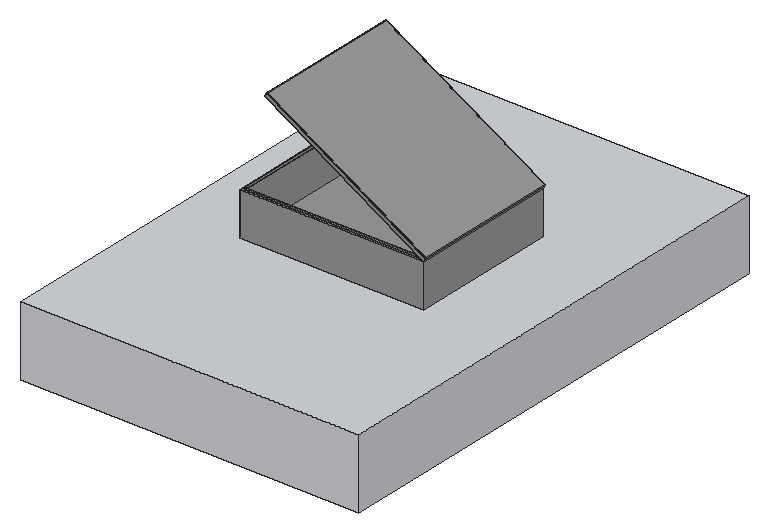
Revit family "Hager-Univers-IP44-D205-H650-Cl.II-Encl-PL-en", category Equipement électrique, Revit 2020
Family settings
  Hôte = Face
  Configuration du panneau = Deux colonnes, circuits au sein
  Cote de connecteur circulaire = Utiliser le diamètre
  Type d'élément = Tableau de raccordement
  Couper avec des vides une fois chargée = Non
  Partagée = Non
  Point de calcul de pièce = Non
Parameters (values of type "Surface mounted (plaster) IP44 W800 H650 D205  - FP43SN2")
  Width Control [instance] = if([EF000008 - Width] > Min Width, [EF000008 - Width], Min Width)  # 800 mm
  Commentaires du type = [HG000003 - Range]  # "Univers"
  Thickness Door [instance] = if([EF009171 - Material plate thickness door/cover] > 3 mm, 3 mm, [EF009171 - Material plate thickness door/cover])  # 1 mm
  Seal Frame Offset [instance] = 17 mm  # constant formula
  Plinth Visibility [instance] = [HG000027 - Plinth height] > 0 mm  # no
  Model = ""
  Min Width [instance] = 100 mm  # constant formula
  Min Height [instance] = 100 mm  # constant formula
  Min Depth [instance] = (2 * [EF009170 - Material plate thickness cabinet]) + 1 mm  # 3 mm
  Internal Frame Depth [instance] = (Door System Depth * 0.5)  # 9 mm
  Height Control [instance] = if([EF000040 - Height] > Min Height, [EF000040 - Height], Min Height)  # 650 mm
  HG000027 - Plinth height = 0 mm
  HG000026 - Floor standing = no
  HG000024 - Bottom section height = 800 mm
  HG000023 - Double section enclosure = no
  HG000016 - Door 3d visibility [instance] = yes
  HG000015 - Clearance visibility [instance] = no
  HG000014 - Door on the right [instance] = yes
  HG000013 - Door on the left [instance] = not([HG000014 - Door on the right])  # no
  HG000012 - Door swing angle [instance] = 30.00°
  HG000010 - Asymmetric doors = no
  HG000009 - Double swing door = no
  HG000006 - Flush mounted = no
  HG000004 - Manufacturer reference = "FP43SN2"
  HG000003 - Range = "Univers"
  HG000002 - With door or cover = yes
  Frame Offset Bottom [instance] = 10 mm  # constant formula
  Frame Offset [instance] = 15 mm  # constant formula
  EF015940 - Cover with overpressure release = no
  EF011959 - Degree of protection (NEMA) = ""
  EF009554 - Number of openings for flange plates = 6
  EF009212 - Cover model = "EV000116 - Closed"
  EF009171 - Material plate thickness door/cover = 1 mm
  EF009170 - Material plate thickness cabinet = 1 mm
  Fabricant = "Hager"  # constant formula
  EF008873 - Nominal current (In) = 250 A
  EF007800 - Suitable for lightning protection = no
  EF006306 - With lock = no
  EF006244 - Transparent cover/door = no
  EF005474 - Degree of protection (IP) = "EV006418 - IP44"
  EF004464 - Type of door = "EV002646 - Single"
  EF004427 - Number of modules = 144
  EF004293 - Impact strength = "EV006815 - IK09"
  EF003532 - Suitable for outdoor use = no
  EF002950 - Width in number of modular spacings = 36
  EF001613 - Circuit integrity = "EV000494 - None"
  EF001596 - Material housing = "EV000179 - Steel"
  EF001131 - Internal depth = 143 mm
  EF001088 - Extension possible = yes
  EF000437 - Number of conduit inlets = 6
  EF000339 - Type of cover = "EV001012 - Cover"
  EF000266 - Number of rows = 4
  EF000218 - Built-in depth = 205 mm
  EF000118 - With mounting plate = no
  EF000116 - RAL-number = "9010"
  EF000049 - Depth = 205 mm
  EF000040 - Height = 650 mm
  EF000008 - Width = 800 mm
  EF000007 - Colour = "EV000202 - White"
  EF000003 - Mounting method = "EV000384 - Surface mounted (plaster)"
  Door System Leaf Tolerance [instance] = 1.5 mm  # constant formula
  Door System Depth [instance] = 18 mm  # constant formula
  Door Height [instance] = Height Control - [HG000027 - Plinth height]  # 650 mm
  Depth Control [instance] = if([EF000049 - Depth] > Min Depth, [EF000049 - Depth], Min Depth)  # 205 mm
  Default Elevation = 0 mm
  Connector Offset [instance] = Height Control / 2  # 325 mm
  Bottom Top Plate Trim [instance] = 1.5 mm  # constant formula
  Plinth height Ctrl [instance] = if([HG000027 - Plinth height] > 0 mm, [HG000027 - Plinth height], 12 mm)  # 12 mm
Types (5, lengths in mm): name | Width Control | HG000010 - Asymmetric doors | HG000009 - Double swing door | HG000004 - Manufacturer reference | EF009554 - Number of openings for flange plates | EF004464 - Type of door | EF004427 - Number of modules | EF002950 - Width in number of modular spacings | EF000437 - Number of conduit inlets | EF000008 - Width
  Surface mounted (plaster) IP44 W1050 H650 D205  - FP44SN2 | 1050 | no | yes | "FP44SN2" | 8 | "EV003602 - Double" | 192 | 48 | 8 | 1050
  Surface mounted (plaster) IP44 W1300 H650 D205  - FP45SN2 | 1300 | yes | yes | "FP45SN2" | 10 | "EV003602 - Double" | 240 | 60 | 10 | 1300
  Surface mounted (plaster) IP44 W300 H650 D205  - FP41SN2 | 300 | no | no | "FP41SN2" | 2 | "EV002646 - Single" | 48 | 12 | 2 | 300
  Surface mounted (plaster) IP44 W550 H650 D205  - FP42SN2 | 550 | no | no | "FP42SN2" | 4 | "EV002646 - Single" | 96 | 24 | 4 | 550
  Surface mounted (plaster) IP44 W800 H650 D205  - FP43SN2 | 800 | no | no | "FP43SN2" | 6 | "EV002646 - Single" | 144 | 36 | 6 | 800
Reference planes
  plane 1 "Center (Front/Back)": y = 0
  plane 2: z = 0
  plane 3 "Center (Left/Right)": x = 0
  plane 4: z = 205
  plane 5: y = 1
  plane 6: y = 325
  plane 7: y = 0
  plane 8: y = 650
  plane 9: z = 0
  plane 10: x = -385
  plane 11: x = 385
  plane 12: x = 384
  plane 13: x = -384
  plane 14: y = 649
  plane 15: x = -383
  plane 16: x = -400
  plane 17: x = 383
  plane 18: x = 400
  plane 19: x = 399
  plane 20: x = -399
  plane 21: y = 11
  plane 22: y = 650
  plane 23: y = 634
  plane 24: z = 187
  plane 25: z = 1
  plane 26: z = 186
  plane 27: z = 204
Forms (mm)
  Extrusion 1, solid
    sketch origin (0, 0, 0) x (1, 0, 0) y (0, 1, 0)
      loop
        line (-702.964, 1305) -> (-702.964, -811.445) -> (766.763, -811.445) -> (766.763, 1305) -> (-702.964, 1305)
    from 0 to -304.8
  Extrusion 2, solid, material "Hager_Steel_RAL7035_Light_Grey", visible <- "Plinth Visibility", detail levels medium+fine
    sketch origin (0, 0, 0) x (1, 0, 0) y (0, 1, 0)
      loop
        line (-400, 0) -> (400, 0) -> (400, 12) -> (-400, 12) -> (-400, 0)
    from 0 to 187
  Extrusion 3, solid, material "Hager_Steel_RAL7035_Light_Grey", detail levels medium+fine
    sketch origin (0, 0, 0) x (1, 0, 0) y (0, 1, 0)
      loop
        line (-400, 0) -> (400, 0) -> (400, 650) -> (-400, 650) -> (-400, 0)
    from 0 to 187
  Extrusion 4, void
    sketch origin (0, 0, 0) x (1, 0, 0) y (0, 1, 0)
      loop
        line (-399, 1) -> (399, 1) -> (399, 649) -> (-399, 649) -> (-399, 1)
    from 1 to 186
  Extrusion 5, void
    sketch origin (-381.607, -4572, 187) x (0, -1, 0) y (-1, 0, 0)
      loop
        line (-4583, 2.393) -> (-5206, 2.393) -> (-5206, -765.607) -> (-4583, -765.607) -> (-4583, 2.393)
    from 0 to 1 <- "EF009170 - Material plate thickness cabinet"
  Extrusion 6, solid, material "Hager_Steel_RAL7035_Light_Grey", detail levels fine
    sketch origin (0, 0, 187) x (1, 0, 0) y (0, 1, 0)
      loop
        line (-384, 634) -> (-384, 11) -> (384, 11) -> (384, 634) -> (-384, 634)
      loop
        line (-385, 10) -> (385, 10) -> (385, 635) -> (-385, 635) -> (-385, 10)
    from 0 to 9 <- "Internal Frame Depth"
  Extrusion 7, solid, material "Hager_Steel_RAL7035_Light_Grey", detail levels coarse
    sketch origin (0, 0, 0) x (1, 0, 0) y (0, 1, 0)
      loop
        line (-400, 0) -> (400, 0) -> (400, 650) -> (-400, 650) -> (-400, 0)
    from 0 to 205
  Sweep 8, void
    path in 3D
      loop
        line (-400, 12, 0) -> (400, 12, 0) -> (400, 12, 187) -> (-400, 12, 187) -> (-400, 12, 0)
    profile origin (-400, 12, 93.5) x (-1, 0, 0) y (0, -1, 0)
      loop
        line (0, 0) -> (0, 1.5) -> (-1.5, 1.5)
        arc (-1.5, 1.5) -> (-1.061, 0.439) -> (0, 0) r 1.5
Cuts and joins
  Extrusion 4, Extrusion 5 cuts Extrusion 3
  Sweep 8 cuts Extrusion 2
Lines and regions (mm)
  Masking region 1
    outline origin (0, 0, 0) x (1, 0, 0) y (0, 0, 1)
      loop
        line (-400, 205) -> (-400, 0) -> (400, 0) -> (400, 205) -> (-400, 205)
  Masking region 2, detail levels medium+fine
    outline origin (0, 140, 0) x (0, 1, 0) y (0, 0, 1)
      loop
        line (-140, 0) -> (510, 0) -> (510, 187) -> (-140, 187) -> (-140, 0)
  Masking region 3, not visible, detail levels medium+fine
    outline origin (0, 297.922, 0) x (0, 1, 0) y (0, 0, 1)
      loop
        line (38.578, 0) -> (78.578, 0) -> (78.578, 194)
        arc (78.578, 194) -> (75.649, 201.071) -> (68.578, 204) r 10
        line (68.578, 204) -> (38.578, 204) -> (38.578, 0)
  Masking region 4, detail levels coarse
    outline origin (0, 0, 180) x (0, 1, 0) y (0, 0, 1)
      loop
        line (0, -180) -> (650, -180) -> (650, 25) -> (0, 25) -> (0, -180)
  Masking region 5, visible <- "Plinth Visibility", detail levels medium+fine
    outline origin (0, 52.24, 12.345) x (0, 0, -1) y (0, 1, 0)
      loop
        line (10.845, -40.24) -> (-173.155, -40.24)
        arc (-173.155, -40.24) -> (-173.594, -41.301) -> (-174.655, -41.74) r 1.5
        line (-174.655, -41.74) -> (-174.655, -52.24) -> (12.345, -52.24) -> (12.345, -41.74)
        arc (12.345, -41.74) -> (11.285, -41.301) -> (10.845, -40.24) r 1.5
  Masking region 6, detail levels medium+fine
    outline origin (-381.607, -4572, 187) x (-1, 0, 0) y (0, -1, 0)
      loop
        line (18.393, -5222) -> (18.393, -4572) -> (-781.607, -4572) -> (-781.607, -5222) -> (18.393, -5222)
  Masking region 7, visible <- "Plinth Visibility", detail levels medium+fine
    outline origin (-381.607, -4727, 187) x (-1, 0, 0) y (0, -1, 0)
      loop
        arc (16.893, -4739) -> (17.332, -4737.939) -> (18.393, -4737.5) r 1.5
        line (18.393, -4737.5) -> (18.393, -4727) -> (-781.607, -4727) -> (-781.607, -4737.5)
        arc (-781.607, -4737.5) -> (-780.546, -4737.939) -> (-780.107, -4739) r 1.5
        line (-780.107, -4739) -> (16.893, -4739)
  Masking region 8, detail levels coarse
    outline origin (-442.548, -4669.526, 187) x (-1, 0, 0) y (0, -1, 0)
      loop
        line (-42.548, -5319.526) -> (-42.548, -4669.526) -> (-842.548, -4669.526) -> (-842.548, -5319.526) -> (-42.548, -5319.526)
  sketch lines
    curve 1: line (-400, 12, 187) -> (-400, 12, 0)
    curve 2: line (400, 12, 187) -> (-400, 12, 187)
    curve 3: line (400, 12, 187) -> (400, 12, 0)
    curve 4: line (-400, 12, 0) -> (400, 12, 0)
Dimensions and locks
  "Depth Control": plane 4 to Extrusion 1
  "HG000027 - Plinth height": plane 1 "Center (Front/Back)" to plane 7
  "EF009170 - Material plate thickness cabinet": plane 5 to plane 7
  locked: connector elem to plane 3 "Center (Left/Right)"
  equal spacing: plane 8, plane 6, plane 7
  locked: connector elem to plane 6
  "EF009170 - Material plate thickness cabinet": plane 8 to plane 14
  "EF009170 - Material plate thickness cabinet": plane 10 to plane 13
  "EF009170 - Material plate thickness cabinet": plane 12 to plane 11
  "Frame Offset": plane 20 to plane 13
  "Frame Offset": plane 12 to plane 19
  "EF009170 - Material plate thickness cabinet": plane 16 to plane 20
  "EF009170 - Material plate thickness cabinet": plane 19 to plane 18
  "Seal Frame Offset": plane 16 to plane 15
  "Seal Frame Offset": plane 17 to plane 18
  "Frame Offset Bottom": plane 21 to plane 5
  "Frame Offset": plane 14 to plane 23
  equal spacing: plane 16, plane 3 "Center (Left/Right)", plane 18
  "Width Control": plane 16 to plane 18
  "EF009170 - Material plate thickness cabinet": plane 4 to plane 27
  "EF009170 - Material plate thickness cabinet": plane 24 to plane 26
  "EF009170 - Material plate thickness cabinet": plane 25 to level
  "Door System Depth": plane 4 to plane 24
  "Height Control": plane 1 "Center (Front/Back)" to Extrusion 7 sketch curve
  "Height Control": Masking region 4 sketch curve to plane 1 "Center (Front/Back)"
  "Height Control": plane 1 "Center (Front/Back)" to plane 22
  "Bottom Top Plate Trim": profile plane to Sweep 8 sketch curve
  "Bottom Top Plate Trim": Sweep 8 sketch curve to profile plane
  "Plinth height Ctrl": plane 1 "Center (Front/Back)" to Extrusion 2 sketch curve
  "Plinth height Ctrl": Masking region 5 sketch curve to plane 1 "Center (Front/Back)"
  "Plinth height Ctrl": plane 1 "Center (Front/Back)" to Masking region 7 sketch curve
  "Thickness Door": Extrusion 6 sketch curve to Extrusion 6 sketch curve  (x3)
  "Thickness Door": cut or joined group of Extrusion 3, Extrusion 4, Extrusion 5 to Extrusion 6 sketch curve
  radius of Masking region 3 sketch curve = 10 mm
  "Bottom Top Plate Trim": radius of Masking region 5 sketch curve  (x2)
  "Bottom Top Plate Trim": radius of Sweep 8 sketch curve
  "Bottom Top Plate Trim": radius of Masking region 7 sketch curve  (x2)
  aligned and locked: plane 2 to Extrusion 1
  aligned and locked: level to Extrusion 1
  aligned and locked: level to Masking region 1 sketch curve
  aligned and locked: Masking region 1 sketch curve to plane 18
  aligned and locked: Masking region 1 sketch curve to plane 16
  aligned and locked: plane 7 to Masking region 2 sketch curve
  aligned and locked: level to Masking region 3 sketch curve
  aligned and locked: Masking region 3 sketch curve to plane 27
  aligned and locked: level to Masking region 2 sketch curve
  aligned and locked: plane 1 "Center (Front/Back)" to Extrusion 2 sketch curve
  aligned and locked: Extrusion 3 sketch curve to plane 7
  aligned and locked: plane 16 to Extrusion 3 sketch curve
  aligned and locked: plane 18 to Extrusion 3 sketch curve
  aligned and locked: plane 20 to Extrusion 4 sketch curve
  aligned and locked: plane 19 to Extrusion 4 sketch curve
  aligned and locked: Extrusion 4 sketch curve to plane 5
  aligned and locked: Extrusion 4 to plane 25
  aligned and locked: plane 26 to Extrusion 4
  aligned and locked: plane 24 to Extrusion 3
  aligned and locked: Extrusion 5 sketch curve to plane 21
  aligned and locked: Extrusion 5 sketch curve to plane 13
  aligned and locked: Extrusion 5 sketch curve to plane 12
  aligned and locked: plane 18 to Extrusion 7 sketch curve
  aligned and locked: plane 1 "Center (Front/Back)" to Extrusion 7 sketch curve
  aligned and locked: plane 16 to Extrusion 7 sketch curve
  aligned and locked: plane 4 to Extrusion 7
  aligned and locked: Extrusion 7 to level
  aligned and locked: level to Masking region 4 sketch curve
  aligned and locked: Masking region 4 sketch curve to plane 1 "Center (Front/Back)"
  aligned and locked: Masking region 4 sketch curve to plane 4
  aligned and locked: nested 1 to level
  aligned and locked: nested 1 to plane 16
  aligned and locked: plane 8 to Extrusion 3 sketch curve
  aligned and locked: plane 23 to Extrusion 5 sketch curve
  aligned and locked: plane 14 to Extrusion 4 sketch curve
  aligned and locked: Masking region 2 sketch curve to plane 8
  aligned and locked: level to Masking region 5 sketch curve
  aligned and locked: plane 16 to Extrusion 2 sketch curve
  aligned and locked: plane 18 to Extrusion 2 sketch curve
  aligned and locked: Masking region 5 sketch curve to plane 24
  aligned and locked: Masking region 2 sketch curve to plane 24
  aligned and locked: plane 24 to Extrusion 2
  aligned and locked: profile plane to Sweep 8 sketch curve  (x2)
  aligned and locked: Masking region 6 sketch curve to plane 18
  aligned and locked: Masking region 6 sketch curve to plane 22
  aligned and locked: Masking region 6 sketch curve to plane 16
  aligned and locked: plane 8 to plane 22
  aligned and locked: Masking region 6 sketch curve to plane 7
  aligned and locked: Masking region 7 sketch curve to plane 16
  aligned and locked: Masking region 7 sketch curve to plane 1 "Center (Front/Back)"
  aligned and locked: Masking region 7 sketch curve to plane 18
  aligned and locked: Masking region 8 sketch curve to plane 1 "Center (Front/Back)"
  aligned and locked: Masking region 8 sketch curve to plane 18
  aligned and locked: Masking region 8 sketch curve to plane 22
  aligned and locked: Masking region 8 sketch curve to plane 16
  aligned and locked: nested 2 to plane 7
  aligned and locked: plane 3 "Center (Left/Right)" to nested 2
  aligned and locked: nested 2 to plane 24
  aligned and locked: Extrusion 6 sketch curve to cut or joined group of Extrusion 3, Extrusion 4, Extrusion 5  (x4)
Automatic sketch dimensions
  Extrusion 1 sketch curve to Extrusion 1 sketch curve = 1469.727 mm
  Extrusion 1 sketch curve to Extrusion 1 sketch curve = 2116.445 mm
  Masking region 1 sketch curve to plane 4 = 0 mm
  plane 6 to Masking region 3 sketch curve = 11.5 mm
  Masking region 3 sketch curve to Masking region 3 sketch curve = 30 mm
  Masking region 5 sketch curve to plane 1 "Center (Front/Back)" = 0 mm
Nested families
  nested 1: "Hager_Enclosure_Symbol" at (-400, 0, 0) x (1, 0, 0) z (0, -1, 0), Height <- "Depth Control", Width <- "Width Control", type "Hager_Enclosure_Symbol"
    with Width_Ctrl 800 mm, Width 800 mm, Height_Ctrl 205 mm, Height 205 mm, A_Width_Int 13.453 mm, A_Width 161.438 mm, A_Height_Ctrl 179.375 mm, A_Height 179.375 mm
  nested 2: "EC000058_Univers_Door" at (0, 0, 187) x (1, 0, 0) z (0, 1, 0), Leaf_Tolerance <- "Door System Leaf Tolerance", Angle <- "HG000012 - Door swing angle", Door_Depth <- "Door System Depth", Door_Left <- "HG000013 - Door on the left", Transparent <- "EF006244 - Transparent cover/door", Assymetrical <- "HG000010 - Asymmetric doors", Width <- "Width Control", Clearance <- "HG000015 - Clearance visibility", Double <- "HG000009 - Double swing door", 3d_Door <- "HG000016 - Door 3d visibility", Lock_Visibility <- "EF006306 - With lock", Width_Ctrl <- "Width Control", Door_Right <- "HG000014 - Door on the right", Door <- "HG000002 - With door or cover", Height <- "Door Height", Thickness <- "Thickness Door", type "EC000058_Univers_Door", detail levels medium+fine
    with min_wh 3 mm, Width_Ctrl 800 mm, Width 800 mm, Transparent no, Thickness 1 mm, Seal_Material Hager_Rubber, Lock_Visibility no, Lock_Material Hager_Plastic_RAL9005_Jet_Black, Leaf_Width 800 mm, Leaf_Tolerance_External_Sides 0 mm, Leaf_Tolerance 1.5 mm, Leaf_Offset 0 mm, Leaf_Height 647 mm, Leaf_2_Width 800 mm, Leaf_2_Offset 400 mm, Leaf_1_Width 800 mm, Leaf_1_Offset 400 mm, Height_Ctrl 650 mm, Height 650 mm, Glass_Material Hager_Glass, Double_Clearance_Ctrl no, Double no, Door_Right_Ctrl yes, Door_Right yes, Door_Material Hager_Steel_RAL7035_Light_Grey, Door_Left_Ctrl no, Door_Left no, Door_Depth 18 mm, Door yes, Clearance_Material Hager_Clearance, Clearance_Depth 800 mm, Clearance_Ctrl no, Clearance no, Assymetrical no, Angle 30.00°, 3d_Door yes
Connectors
  electrical at (0, 325, 0)
    settings: on plane 9, index 1, voltage 0 V, apparent load 0 VA, apparent load phase1 0 VA, apparent load phase2 0 VA, apparent load phase3 0 VA, power factor 1, load classification "Other", number of poles 1, system type 30, power factor state 1, is connector primary yes, connector utility no, sub classification motor no, connector description ""
Definition of nested family "EC000058_Univers_Door"
  Parameters (values of type "EC000058_Univers_Door")
    min_wh [instance] = (2 * Thickness) + 1 mm  # 11 mm
    Width_Ctrl [instance] = 400 mm
    Width [instance] = 500 mm
    Transparent [instance] = yes
    Thickness [instance] = 5 mm
    Seal_Material [instance] = none
    Lock_Visibility [instance] = yes
    Lock_Material [instance] = none
    Leaf_Width [instance] = if((Width_Ctrl - 2 * Leaf_Tolerance_External_Sides) > 0 mm, (Width_Ctrl - 2 * Leaf_Tolerance_External_Sides), min_wh)  # 400 mm
    Leaf_Tolerance_External_Sides [instance] = 0 mm  # constant formula
    Leaf_Tolerance [instance] = 1.5 mm
    Leaf_Offset [instance] = 0 mm  # constant formula
    Leaf_Height [instance] = if((Height_Ctrl - 2 * Leaf_Tolerance) > 0 mm, (Height_Ctrl - 2 * Leaf_Tolerance), min_wh)  # 497 mm
    Leaf_2_Width [instance] = if(and(and(Double, Assymetrical), Door_Left), (Leaf_Width / 3) - (Leaf_Tolerance / 2), if(and(and(Double, Assymetrical), Door_Right), (Leaf_Width / 3) * 2 - (Leaf_Tolerance / 2), if(and(Double, not(Assymetrical)), (Leaf_Width / 2) - Leaf_Tolerance, Leaf_Width)))  # 400 mm
    Leaf_2_Offset [instance] = if(and(Double, Assymetrical), Leaf_2_Width / 2, if(and(Double, not(Assymetrical)), Leaf_Width / 4, Leaf_Width / 2))  # 200 mm
    Leaf_1_Width [instance] = if(and(and(Double, Assymetrical), Door_Right), (Leaf_Width / 3) - (Leaf_Tolerance / 2), if(and(and(Double, Assymetrical), Door_Left), (Width / 3) * 2 - (Leaf_Tolerance / 2), if(and(Double, not(Assymetrical)), (Leaf_Width / 2) - Leaf_Tolerance, Leaf_Width)))  # 400 mm
    Leaf_1_Offset [instance] = if(and(Double, Assymetrical), Leaf_1_Width / 2, if(and(Double, not(Assymetrical)), Leaf_Width / 4, Leaf_Width / 2))  # 200 mm
    Height_Ctrl [instance] = if(Height > min_wh, Height, min_wh)  # 500 mm
    Height [instance] = 500 mm
    Glass_Material [instance] = none
    Double_Clearance_Ctrl [instance] = and(Double, Clearance)  # no
    Double [instance] = no
    Door_Right_Ctrl [instance] = and(or(Door_Right, Double), Door)  # yes
    Door_Right [instance] = yes
    Door_Material [instance] = none
    Door_Left_Ctrl [instance] = and(or(Door_Left, Double), Door)  # no
    Door_Left [instance] = no
    Door_Depth [instance] = 30 mm
    Door [instance] = yes
    Default Elevation = 1219.2 mm
    Clearance_Material [instance] = none
    Clearance_Depth [instance] = if(Leaf_1_Width > Leaf_2_Width, Leaf_1_Width, Leaf_2_Width)  # 400 mm
    Clearance_Ctrl [instance] = and(not(Double), Clearance)  # yes
    Clearance [instance] = yes
    Assymetrical [instance] = yes
    Angle [instance] = 30.00°
    3d_Door [instance] = yes
  Reference planes
    plane 1 "Center (Front/Back)": y = 0
    plane 2 "Bottom": z = 0
    plane 3 "Center (Left/Right)": x = 0
    plane 4: z = 500
    plane 5: x = -200
    plane 6: x = 200
    plane 7: z = 500
    plane 8: x = -200
    plane 9: z = 0
    plane 10: x = 200
    plane 11: y = 0
    plane 12: z = 1.5
    plane 13: x = -600
    plane 14: y = -400
    plane 15: x = 600
    plane 16: x = 0
    plane 17: x = 0
    plane 18: x = -200
    plane 19: x = 200
    plane 20: z = 498.5
  Forms (mm)
    Extrusion 1, solid, material <- "Clearance_Material", visible <- "Double_Clearance_Ctrl"
      sketch origin (1200, 0, 0) x (1, 0, 0) y (0, 0, -1)
        loop
          line (-1800, -498.5) -> (-600, -498.5) -> (-600, 0) -> (-1800, 0) -> (-1800, -498.5)
      from 0 to -400
  Dimensions and locks
    equal spacing: plane 5, plane 3 "Center (Left/Right)", plane 6
    "Width_Ctrl": plane 5 to plane 6
    "Leaf_Offset": plane 5 to plane 8
    "Leaf_Offset": plane 6 to plane 10
    "Leaf_Offset": plane 9 to level
    "Leaf_Offset": plane 4 to plane 7
    "Height_Ctrl": plane 4 to level
    "Leaf_Tolerance": plane 12 to plane 9
    locked: plane 11 to plane 1 "Center (Front/Back)"
    "Leaf_1_Offset": plane 18 to plane 16
    "Leaf_2_Offset": plane 17 to plane 19
    "Leaf_1_Width": plane 13 to plane 8
    "Leaf_2_Width": plane 10 to plane 15
    "Clearance_Depth": plane 14 to plane 1 "Center (Front/Back)"
    "Leaf_Tolerance_External_Sides": plane 8 to plane 18
    "Leaf_Tolerance_External_Sides": plane 19 to plane 10
    "Leaf_Tolerance": plane 7 to plane 20
    aligned and locked: level to plane 2 "Bottom"
    aligned and locked: nested 1 to plane 16
    aligned and locked: nested 2 to plane 17
    aligned and locked: Extrusion 1 to plane 13
    aligned and locked: plane 15 to Extrusion 1
    aligned and locked: Extrusion 1 to plane 14
    aligned and locked: plane 12 to nested 1
    aligned and locked: nested 2 to plane 12
    aligned and locked: Extrusion 1 to plane 11
    aligned and locked: plane 20 to Extrusion 1
    aligned and locked: nested 2 to plane 11
    aligned and locked: nested 1 to plane 11
  Automatic sketch dimensions
    Extrusion 1 sketch curve to level = 0 mm
    plane 5 to Extrusion 1 sketch curve = 400 mm
    plane 6 to Extrusion 1 sketch curve = 400 mm
    Extrusion 1 sketch curve to plane 4 = 1.5 mm
  Nested families
    nested 1: "EC000058_Univers_Door_Leaf" at (0, 0, 1.5), Width <- "Leaf_1_Width", visible <- "Door_Left_Ctrl", Leaf_Height <- "Leaf_Height", Angle <- "Angle", 3d_Door <- "3d_Door", Transparent <- "Transparent", Clearance Material <- "Clearance_Material", Clearance <- "Clearance_Ctrl", Door_Material <- "Door_Material", Glass_Material <- "Glass_Material", Door_Depth <- "Door_Depth", Lock_Material <- "Lock_Material", Seal_Material <- "Seal_Material", Lock_Visibility <- "Lock_Visibility", Thickness <- "Thickness", type "EC000058_Univers_Door_Leaf"
      with Width 400 mm, Transparent_Glass_Offset 30 mm, Transparent_Ctrl yes, Transparent yes, Thickness 5 mm, Standard no, Seal_Material none, Seal_D2 8 mm, Seal_D1 1 mm, Offset_Internal_Frame 10 mm, Lock_Width 20 mm, Lock_Visibility_3d yes, Lock_Visibility yes, Lock_Thickness_3 3 mm, Lock_Thickness_2 1 mm, Lock_Thickness_1 3 mm, Lock_Radius_Offset_2 16 mm, Lock_Radius_Offset_1 15 mm, Lock_Radius_2 5 mm, Lock_Radius 6 mm, Lock_Offset 5 mm, Lock_Material none, Lock_Height 80 mm, Lock_Cover_Top_Offset_2d 17 mm, Lock_Cover_Height -65 mm, Leaf_Height 497 mm, Internal_Seal_Thickness 8 mm, Internal_Seal_Depth_2 4.5 mm, Internal_Frame_Depth 25 mm, Glass_Thickness -1 mm, Glass_Offset -2 mm, Glass_Material none, Door_Material none, Door_Depth 30 mm, Clearance Material none, Clearance yes, Angle_Ctrl 30.00°, Angle 30.00°, 3d_Door yes
    nested 2: "EC000058_Univers_Door_Leaf" at (0, 0, 1.5) x (-1, 0, 0) z (0, 0, 1), Width <- "Leaf_2_Width", visible <- "Door_Right_Ctrl", Leaf_Height <- "Leaf_Height", Angle <- "Angle", 3d_Door <- "3d_Door", Transparent <- "Transparent", Clearance Material <- "Clearance_Material", Clearance <- "Clearance_Ctrl", Door_Material <- "Door_Material", Glass_Material <- "Glass_Material", Door_Depth <- "Door_Depth", Lock_Material <- "Lock_Material", Seal_Material <- "Seal_Material", Lock_Visibility <- "Lock_Visibility", Thickness <- "Thickness", type "EC000058_Univers_Door_Leaf"
      with Width 400 mm, Transparent_Glass_Offset 30 mm, Transparent_Ctrl yes, Transparent yes, Thickness 5 mm, Standard no, Seal_Material none, Seal_D2 8 mm, Seal_D1 1 mm, Offset_Internal_Frame 10 mm, Lock_Width 20 mm, Lock_Visibility_3d yes, Lock_Visibility yes, Lock_Thickness_3 3 mm, Lock_Thickness_2 1 mm, Lock_Thickness_1 3 mm, Lock_Radius_Offset_2 16 mm, Lock_Radius_Offset_1 15 mm, Lock_Radius_2 5 mm, Lock_Radius 6 mm, Lock_Offset 5 mm, Lock_Material none, Lock_Height 80 mm, Lock_Cover_Top_Offset_2d 17 mm, Lock_Cover_Height -65 mm, Leaf_Height 497 mm, Internal_Seal_Thickness 8 mm, Internal_Seal_Depth_2 4.5 mm, Internal_Frame_Depth 25 mm, Glass_Thickness -1 mm, Glass_Offset -2 mm, Glass_Material none, Door_Material none, Door_Depth 30 mm, Clearance Material none, Clearance yes, Angle_Ctrl 30.00°, Angle 30.00°, 3d_Door yes
  Definition of nested family "EC000058_Univers_Door_Leaf"
    Parameters (values of type "EC000058_Univers_Door_Leaf")
      Width [instance] = 2000 mm
      Transparent_Glass_Offset [instance] = 30 mm
      Transparent_Ctrl [instance] = and(Transparent, [3d_Door])  # yes
      Transparent [instance] = yes
      Thickness [instance] = 5 mm
      Standard [instance] = and(not(Transparent), [3d_Door])  # no
      Seal_Material [instance] = none
      Seal_D2 [instance] = 8 mm  # constant formula
      Seal_D1 [instance] = 1 mm  # constant formula
      Offset_Internal_Frame [instance] = 10 mm  # constant formula
      Lock_Width [instance] = 20 mm  # constant formula
      Lock_Visibility_3d [instance] = and(Lock_Visibility, [3d_Door])  # yes
      Lock_Visibility [instance] = yes
      Lock_Thickness_3 [instance] = 3 mm  # constant formula
      Lock_Thickness_2 [instance] = 1 mm  # constant formula
      Lock_Thickness_1 [instance] = 3 mm  # constant formula
      Lock_Radius_Offset_2 [instance] = Lock_Radius_Offset_1 + 1 mm  # 16 mm
      Lock_Radius_Offset_1 [instance] = 15 mm  # constant formula
      Lock_Radius_2 [instance] = Lock_Radius - 1 mm  # 5 mm
      Lock_Radius [instance] = 6 mm  # constant formula
      Lock_Offset [instance] = 5 mm  # constant formula
      Lock_Material [instance] = none
      Lock_Height [instance] = 80 mm  # constant formula
      Lock_Cover_Top_Offset_2d [instance] = Lock_Radius_Offset_2 + 1 mm  # 17 mm
      Lock_Cover_Height [instance] = -(Lock_Height - Lock_Radius_Offset_1)  # -65 mm
      Leaf_Height [instance] = 2720.336 mm
      Internal_Seal_Thickness [instance] = 8 mm  # constant formula
      Internal_Seal_Depth_2 [instance] = 4.5 mm  # constant formula
      Internal_Frame_Depth [instance] = if(Door_Depth - Thickness > 5 mm, Door_Depth - Thickness, 5 mm)  # 25 mm
      Glass_Thickness [instance] = if(Thickness > 15 mm, Glass_Offset + 10 mm, -1 mm)  # -1 mm
      Glass_Offset [instance] = if(Thickness > 15 mm, -(Thickness + 10 mm) / 2, -2 mm)  # -2 mm
      Glass_Material [instance] = none
      Door_Material [instance] = none
      Door_Depth [instance] = 30 mm
      Default Elevation = 0 mm
      Clearance Material [instance] = none
      Clearance [instance] = yes
      Angle_Ctrl [instance] = if(Angle > 180.00°, 180.00°, Angle)  # 90.00°
      Angle [instance] = 90.00°
      3d_Door [instance] = yes
    Reference planes
      plane 1 "Center (Front/Back)": y = 0
      plane 2: z = 0
      plane 3 "Center (Left/Right)": x = 0
      plane 4: y = 2000
      plane 5: x = -1000
      plane 6: x = 1000
      plane 7: x = -3000
      plane 8: z = 2720.336
      plane 9: z = 30
      plane 10: z = 2690.336
      plane 11: x = 970
      plane 12: x = -970
      plane 13: y = -3
      plane 14: z = 107.833
      plane 15: y = -5
      plane 16: y = -223.314
      plane 17: x = -1000
      plane 18: z = 1360.168
      plane 19: y = 30
    Forms (mm)
      Extrusion 1, solid, material <- "Clearance Material", visible <- "Clearance"
        sketch origin (0, 0, 0) x (1, 0, 0) y (0, 0, 1)
          loop
            line (-3000, 2720.336) -> (-3000, 0) -> (1000, 0) -> (1000, 2720.336) -> (-3000, 2720.336)
        from 0 to -2000
      Extrusion 2, solid, material <- "Door_Material", visible <- "Standard", detail levels medium+fine
        sketch origin (-1000, 0, 0) x (0, 1, 0) y (-1, 0, 0)
          loop
            line (0, 30) -> (0, 25) -> (2000, 25) -> (2000, 30) -> (0, 30)
        from 0 to 2720.336 <- "Leaf_Height"
      Extrusion 3, solid, material <- "Door_Material", visible <- "Transparent_Ctrl", detail levels medium+fine
        sketch origin (-1000, 0, 0) x (0, 1, 0) y (-1, 0, 0)
          loop
            line (0, 25) -> (2000, 25) -> (2000, 30) -> (0, 30) -> (0, 25)
        from 0 to 2720.336 <- "Leaf_Height"
      Extrusion 4, void
        sketch origin (-1025, 2000, 0) x (0, 1, 0) y (0, 0, -1)
          loop
            line (-30, -2690.336) -> (-30, -30) -> (-1970, -30) -> (-1970, -2690.336) -> (-30, -2690.336)
        from 0 to 5 <- "Thickness"
      Sweep 5, solid, material <- "Seal_Material", visible <- "Transparent_Ctrl", detail levels fine
        path in 3D
          loop
            line (-1025, 30, 30) -> (-1025, 30, 2690.336) -> (-1025, 1970, 2690.336) -> (-1025, 1970, 30) -> (-1025, 30, 30)
        profile origin (-1025, 1000, 30) x (1, 0, 0) y (0, 0, 1)
          loop
            line (0, 0) -> (0, -8) -> (1, -8) -> (1, 0) -> (0, 0)
      Extrusion 6, solid, material <- "Glass_Material", visible <- "Transparent_Ctrl", detail levels medium+fine
        sketch origin (-1030, 0, 0) x (0, 1, 0) y (0, 0, -1)
          loop
            line (1970, -2690.336) -> (1970, -30) -> (30, -30) -> (30, -2690.336) -> (1970, -2690.336)
        from -2 <- "Glass_Offset" to -1 <- "Glass_Thickness"
      Extrusion 7, solid, material <- "Door_Material", visible <- "3d_Door", detail levels medium+fine
        sketch origin (-1025, 2000, 0) x (0, -1, 0) y (0, 0, -1)
          loop
            line (0, -2720.336) -> (2000, -2720.336) -> (2000, 0) -> (0, 0) -> (0, -2720.336)
          loop
            line (1995, -5) -> (5, -5) -> (5, -2715.336) -> (1995, -2715.336) -> (1995, -5)
        from 0 to 25 <- "Internal_Frame_Depth"
      Sweep 8, solid, material <- "Seal_Material", visible <- "Transparent_Ctrl", detail levels fine
        path in 3D
          loop
            line (-1025, 0, 0) -> (-1025, 2000, 0) -> (-1025, 2000, 2720.336) -> (-1025, 0, 2720.336) -> (-1025, 0, 0)
        profile origin (-1025, 0, 1360.168) x (1, 0, 0) y (0, 1, 0)
          loop
            line (0, 10) -> (2.975, 10)
            arc (2.975, 10) -> (4.053, 10.447) -> (4.5, 11.525) r 1.525
            line (4.5, 11.525) -> (4.5, 16.527)
            arc (4.5, 16.527) -> (4.069, 17.569) -> (3.027, 18) r 1.473
            line (3.027, 18) -> (0, 18) -> (0, 10)
      Extrusion 9, solid, material <- "Lock_Material", visible <- "Lock_Visibility_3d", detail levels fine
        sketch origin (-1030, 0, 0) x (0, 1, 0) y (0, 0, -1)
          loop
            arc (1993.5, -1400.168) -> (1994.561, -1399.729) -> (1995, -1398.668) r 1.5
            line (1995, -1398.668) -> (1995, -1320.168) -> (1975, -1320.168) -> (1975, -1398.668)
            arc (1975, -1398.668) -> (1975.439, -1399.729) -> (1976.5, -1400.168) r 1.5
            line (1976.5, -1400.168) -> (1993.5, -1400.168)
        from 3 <- "Lock_Thickness_1" to 0
      Blend 10, solid, material <- "Lock_Material", visible <- "Lock_Visibility_3d", detail levels fine
        base sketch origin (-1033, 0, 0) x (0, 1, 0) y (0, 0, -1)
          loop
            line (1975, -1320.168) -> (1975, -1398.668)
            arc (1975, -1398.668) -> (1975.439, -1399.729) -> (1976.5, -1400.168) r 1.5
            line (1976.5, -1400.168) -> (1993.5, -1400.168)
            arc (1993.5, -1400.168) -> (1994.561, -1399.729) -> (1995, -1398.668) r 1.5
            line (1995, -1398.668) -> (1995, -1320.168) -> (1975, -1320.168)
        top sketch origin (-1033, 0, 0) x (0, 1, 0) y (0, 0, -1)
          loop
            line (1976, -1320.168) -> (1976, -1398.668)
            arc (1976, -1398.668) -> (1976.146, -1399.022) -> (1976.5, -1399.168) r 0.5
            line (1976.5, -1399.168) -> (1993.5, -1399.168)
            arc (1993.5, -1399.168) -> (1993.854, -1399.022) -> (1994, -1398.668) r 0.5
            line (1994, -1398.668) -> (1994, -1320.168) -> (1976, -1320.168)
        from 0 to 1 <- "Lock_Thickness_2"
      Blend 11, solid, material <- "Lock_Material", visible <- "Lock_Visibility_3d", detail levels fine
        base sketch origin (-1034, 0, 0) x (0, 1, 0) y (0, 0, -1)
          loop
            line (1978, -1320.168) -> (1978, -1384.168)
            arc (1978, -1384.168) -> (1985, -1391.168) -> (1992, -1384.168) r 7
            line (1992, -1384.168) -> (1992, -1320.168) -> (1978, -1320.168)
        top sketch origin (-1034, 0, 0) x (0, 1, 0) y (0, 0, -1)
          loop
            line (1991, -1320.168) -> (1979, -1320.168) -> (1979, -1383.168)
            arc (1979, -1383.168) -> (1985, -1389.168) -> (1991, -1383.168) r 6
            line (1991, -1383.168) -> (1991, -1320.168)
        from 0 to 3 <- "Lock_Thickness_3"
      Extrusion 12, solid, material <- "Lock_Material", visible <- "Lock_Visibility_3d", detail levels fine
        sketch origin (-1030, 1975, 1320.168) x (1, 0, 0) y (0, -1, 0)
          loop
            line (-7, -19) -> (-7, -1) -> (0, -1) -> (0, 0) -> (-8, 0) -> (-8, -20) -> (0, -20) -> (0, -19) -> (-7, -19)
        from 0 to -65 <- "Lock_Cover_Height"
      Extrusion 13, void
        sketch origin (-1038, 1995, 1320.168) x (-1, 0, 0) y (0, 0, -1)
          loop
            line (-5, -65) -> (0, -65) -> (-5, -60) -> (-5, -65)
        from 0 to 20 <- "Lock_Width"
      Extrusion 14, void
        sketch origin (-1038, 1975, 1320.168) x (0, -1, 0) y (0, 0, -1)
          loop
            circle (-10, -15.995) r 6
          loop
            circle (-10, -15.995) r 5
        from 0 to 2
      Extrusion 15, solid, material <- "Lock_Material", visible <- "Lock_Visibility_3d", detail levels medium
        sketch origin (-1030, 0, 0) x (0, 1, 0) y (0, 0, -1)
          loop
            arc (1993.5, -1400.168) -> (1994.561, -1399.729) -> (1995, -1398.668) r 1.5
            line (1995, -1398.668) -> (1995, -1320.168) -> (1975, -1320.168) -> (1975, -1398.668)
            arc (1975, -1398.668) -> (1975.439, -1399.729) -> (1976.5, -1400.168) r 1.5
            line (1976.5, -1400.168) -> (1993.5, -1400.168)
        from 8 to 0
    Cuts and joins
      Extrusion 4 cuts Extrusion 3
      Extrusion 13, Extrusion 14 cuts Extrusion 9
      Extrusion 14 cuts Blend 11
      Extrusion 13, Extrusion 14 cuts Extrusion 12
      joined: Extrusion 9, Blend 10, Blend 11, Extrusion 12
      Extrusion 14 cuts Extrusion 15
    Lines and regions (mm)
      Masking region 1, visible <- "Lock_Visibility", detail levels fine
        outline origin (0, 0, 0) x (0, 1, 0) y (0, 0, 1)
          loop
            line (30, 1320.168) -> (33, 1320.168) -> (33, 1400.168) -> (30, 1400.168) -> (30, 1320.168)
      Masking region 2, visible <- "Lock_Visibility", detail levels fine
        outline origin (0, 3.143, 0) x (0, 1, 0) y (0, 0, 1)
          loop
            line (29.857, 1354.168) -> (30.857, 1354.168) -> (30.857, 1366.168) -> (29.857, 1366.168) -> (29.857, 1354.168)
      Masking region 3, detail levels medium+fine
        outline origin (0, 0, 0) x (0, 1, 0) y (0, 0, 1)
          loop
            line (0, 0) -> (30, 0) -> (30, 2720.336) -> (0, 2720.336) -> (0, 0)
      Masking region 4, detail levels medium+fine
        outline origin (0, 0, 0) x (1, 0, 0) y (0, 0, 1)
          loop
            line (-1000, 2720.336) -> (-1000, 0) -> (1000, 0) -> (1000, 2720.336) -> (-1000, 2720.336)
      Masking region 5, visible <- "Lock_Visibility", detail levels fine
        outline origin (-47.116, 0, 0) x (1, 0, 0) y (0, 0, 1)
          loop
            arc (1024.616, 1399.168) -> (1023.556, 1398.729) -> (1023.116, 1397.668) r 1.5
            line (1023.116, 1397.668) -> (1023.116, 1320.168) -> (1041.116, 1320.168) -> (1041.116, 1397.668)
            arc (1041.116, 1397.668) -> (1040.677, 1398.729) -> (1039.616, 1399.168) r 1.5
            line (1039.616, 1399.168) -> (1024.616, 1399.168)
      Masking region 6, visible <- "Lock_Visibility", detail levels medium+fine
        outline origin (-25, 0, 0) x (1, 0, 0) y (0, 0, 1)
          loop
            arc (1001.5, 1400.168) -> (1000.439, 1399.729) -> (1000, 1398.668) r 1.5
            line (1000, 1398.668) -> (1000, 1320.168) -> (1020, 1320.168) -> (1020, 1398.668)
            arc (1020, 1398.668) -> (1019.561, 1399.729) -> (1018.5, 1400.168) r 1.5
            line (1018.5, 1400.168) -> (1001.5, 1400.168)
      Masking region 7, visible <- "Lock_Visibility", detail levels fine
        outline origin (-73.735, 0, 0) x (1, 0, 0) y (0, 0, 1)
          loop
            line (1051.735, 1382.168) -> (1065.735, 1382.168) -> (1065.735, 1384.168)
            arc (1065.735, 1384.168) -> (1058.735, 1391.168) -> (1051.735, 1384.168) r 7
            line (1051.735, 1384.168) -> (1051.735, 1382.168)
      Masking region 8, visible <- "Lock_Visibility", detail levels fine
        outline origin (-73.735, 0, 0) x (1, 0, 0) y (0, 0, 1)
          loop
            line (1052.735, 1382.168) -> (1064.735, 1382.168) -> (1064.735, 1383.168)
            arc (1064.735, 1383.168) -> (1058.735, 1389.168) -> (1052.735, 1383.168) r 6
            line (1052.735, 1383.168) -> (1052.735, 1382.168)
      Masking region 9, visible <- "Lock_Visibility", detail levels fine
        outline origin (-25, 0, 0) x (1, 0, 0) y (0, 0, 1)
          loop
            line (1020, 1320.168) -> (1020, 1382.168) -> (1000, 1382.168) -> (1000, 1320.168) -> (1020, 1320.168)
      Masking region 10, detail levels medium+fine
        outline origin (0, 0, 0) x (1, 0, 0) y (0, 0, 1)
          loop
            circle (985, 1335.144) r 6
      Masking region 11, detail levels fine
        outline origin (0, 0, 0) x (1, 0, 0) y (0, 0, 1)
          loop
            circle (985, 1335.144) r 5
      Masking region 12, visible <- "Lock_Visibility", detail levels fine
        outline origin (0, 12.767, 0) x (0, 1, 0) y (0, 0, 1)
          loop
            line (20.233, 1320.168) -> (21.233, 1320.168) -> (21.233, 1399.168) -> (20.233, 1400.168) -> (20.233, 1320.168)
      Masking region 13, visible <- "Lock_Visibility", detail levels fine
        outline origin (0, 13.767, -10) x (0, 1, 0) y (0, 0, 1)
          loop
            line (20.233, 1330.168) -> (23.233, 1330.168) -> (23.233, 1399.168) -> (20.233, 1402.168) -> (20.233, 1330.168)
      Masking region 14, visible <- "Lock_Visibility", detail levels fine
        outline origin (0, 12.767, -10) x (0, 1, 0) y (0, 0, 1)
          loop
            line (20.233, 1330.168) -> (25.233, 1330.168) -> (25.233, 1399.305) -> (20.233, 1394.305) -> (20.233, 1330.168)
      Masking region 15, visible <- "Lock_Visibility", detail levels medium
        outline origin (0, 0, 0) x (0, 1, 0) y (0, 0, 1)
          loop
            line (30, 1320.168) -> (38, 1320.168) -> (38, 1400.168) -> (30, 1400.168) -> (30, 1320.168)
      Masking region 16, visible <- "Lock_Visibility", detail levels fine
        outline origin (-1000, 0, 0) x (0, 1, 0) y (-1, 0, 0)
          loop
            line (1975, 30) -> (1995, 30) -> (1995, 38) -> (1975, 38) -> (1975, 30)
          loop
            line (1979, 37) -> (1976, 37) -> (1976, 34) -> (1978, 34) -> (1979, 37)
          loop
            line (1994, 37) -> (1991, 37) -> (1992, 34) -> (1994, 34) -> (1994, 37)
      Masking region 17, visible <- "Lock_Visibility", detail levels medium
        outline origin (-1000, 0, 0) x (0, 1, 0) y (-1, 0, 0)
          loop
            line (1975, 30) -> (1995, 30) -> (1995, 38) -> (1975, 38) -> (1975, 30)
      symbolic lines
        curve 1: line (1000, 0, 0) -> (-3000, 0, 0)
        curve 2: arc (1000, 0, 0) -> (-1000, 2000, 0) -> (-3000, 0, 0) r 2000
        curve 4: line (-1030, 0, 0) -> (-1030, 2000, 0)
      reference lines
        curve 3: line (-1000, 0, 0) -> (-1000, 2000, 0)
      symbolic lines, detail levels medium+fine
        curve 5: line (-1030, 2000, 0) -> (-1025, 2000, 0)
        curve 7: line (-1025, 0, 0) -> (-1030, 0, 0)
        curve 8: line (-1025, 0, 0) -> (-1000, 0, 0)
        curve 9: line (-1000, 0, 0) -> (-1000, 2000, 0)
        curve 10: line (-1000, 2000, 0) -> (-1025, 2000, 0)
      symbolic lines, detail levels fine
        curve 6: line (-1025, 2000, 0) -> (-1025, 0, 0)
      sketch lines
        curve 11: line (-1025, 0, 2720.336) -> (-1025, 0, 0)
        curve 12: line (-1025, 2000, 0) -> (-1025, 0, 0)
        curve 13: line (-1025, 2000, 2720.336) -> (-1025, 2000, 0)
        curve 14: line (-1025, 0, 2720.336) -> (-1025, 2000, 2720.336)
        curve 15: line (-1025, 1970, 30) -> (-1025, 30, 30)
        curve 16: line (-1025, 30, 30) -> (-1025, 30, 2690.336)
        curve 17: line (-1025, 1970, 2690.336) -> (-1025, 1970, 30)
        curve 18: line (-1025, 30, 2690.336) -> (-1025, 1970, 2690.336)
      symbolic lines, visible <- "Transparent", detail levels medium+fine
        curve 19: line (-970, 0, 2690.336) -> (970, 0, 2690.336)
        curve 20: line (-970, 0, 30) -> (-970, 0, 2690.336)
        curve 21: line (970, 0, 30) -> (-970, 0, 30)
        curve 22: line (970, 0, 2690.336) -> (970, 0, 30)
    Dimensions and locks
      "Width": plane 1 "Center (Front/Back)" to plane 4
      equal spacing: plane 5, plane 3 "Center (Left/Right)", plane 6
      "Width": plane 5 to plane 6
      "Width": plane 7 to plane 5
      "Leaf_Height": plane 8 to level
      "Width": curve 5 to curve 3
      "Width": curve 3 to curve 3
      plane 8 to plane 10 = 30 mm
      plane 9 to level = 30 mm
      plane 12 to plane 5 = 30 mm
      plane 6 to plane 11 = 30 mm
      Extrusion 1 to Extrusion 4 sketch curve = 30 mm
      "Transparent_Glass_Offset": curve 3 to Extrusion 4 sketch curve
      "Transparent_Glass_Offset": Extrusion 4 sketch curve to cut or joined group of Extrusion 3, Extrusion 4  (x2)
      cut or joined group of Extrusion 3, Extrusion 4 to Extrusion 6 sketch curve = 30 mm
      "Transparent_Glass_Offset": cut or joined group of Extrusion 3, Extrusion 4 to Extrusion 4 sketch curve
      "Thickness": curve 6 to curve 4
      "Thickness": Extrusion 7 sketch curve to Extrusion 7 sketch curve  (x4)
      "Door_Depth": curve 4 to curve 3
      "Offset_Internal_Frame": profile plane to Sweep 8 sketch curve
      "Internal_Seal_Thickness": Sweep 8 sketch curve to Sweep 8 sketch curve
      "Internal_Seal_Depth_2": profile plane to Sweep 8 sketch curve
      "Seal_D1": profile plane to Sweep 5 sketch curve
      "Seal_D2": profile plane to Sweep 5 sketch curve
      "Thickness": Extrusion 2 sketch curve to Extrusion 2 sketch curve
      equal spacing: Extrusion 9 sketch curve, plane 18, Extrusion 9 sketch curve  (x2)
      equal spacing: Masking region 1 sketch curve, plane 18, Masking region 1 sketch curve
      "Lock_Height": Masking region 1 sketch curve to Masking region 1 sketch curve
      "Lock_Radius": Masking region 2 sketch curve to plane 18 to Masking region 2 sketch curve
      Masking region 2 sketch curve to Masking region 1 = 1 mm
      "Door_Depth": plane 19 to plane 1 "Center (Front/Back)"
      "Lock_Thickness_1": Masking region 1 sketch curve to plane 19
      "Lock_Width": Extrusion 9 sketch curve to Extrusion 9 sketch curve
      "Lock_Height": Extrusion 9 sketch curve to Extrusion 9 sketch curve
      "Lock_Offset": cut or joined group of Extrusion 3, Extrusion 4 to Extrusion 9 sketch curve
      equal spacing: plane 8, plane 18, level
      "Lock_Radius_Offset_1": Blend 11 sketch curve to Blend 10
      locked: Blend 10 to Blend 11 sketch curve at 2  (x2)
      locked: var sketch to Blend 11 sketch curve at 1  (x2)
      "Lock_Radius_Offset_2": Blend 11 sketch curve to Blend 10
      locked: Extrusion 12 sketch curve to Extrusion 12 sketch curve at 1  (x3)
      Masking region 6 sketch curve to Masking region 6 sketch curve = 80 mm
      "Lock_Height": Masking region 6 sketch curve to Masking region 6 sketch curve
      "Lock_Width": Masking region 6 sketch curve to Masking region 6 sketch curve
      locked: Masking region 6 to Masking region 5 sketch curve at 1  (x3)
      locked: Masking region 5 to Masking region 7 sketch curve at 2  (x2)
      "Lock_Radius_Offset_1": Masking region 5 to Masking region 7 sketch curve
      "Lock_Radius_Offset_2": Masking region 5 to Masking region 8 sketch curve
      locked: Masking region 7 to Masking region 8 sketch curve at 1  (x2)
      "Lock_Cover_Top_Offset_2d": Masking region 5 to Masking region 9 sketch curve
      equal spacing: Masking region 9, Masking region 10 sketch curve, Masking region 9
      equal spacing: Masking region 9, Masking region 11 sketch curve, Masking region 9
      Extrusion 15 sketch curve to Extrusion 15 sketch curve = 80 mm
      "Lock_Width": Extrusion 15 sketch curve to Extrusion 15 sketch curve
      "Lock_Height": Extrusion 15 sketch curve to Extrusion 15 sketch curve
      equal spacing: Extrusion 15 sketch curve, plane 18, Extrusion 15 sketch curve
      "Lock_Thickness_3": Masking region 13 sketch curve to Masking region 13 sketch curve
      "Lock_Height": Masking region 12 sketch curve to Masking region 12 sketch curve
      locked: Masking region 13 sketch curve to Masking region 1 at 8
      locked: Masking region 14 sketch curve to Masking region 13 at 1
      locked: Masking region 14 sketch curve to Masking region 1 at 10.863
      "Lock_Height": Masking region 15 sketch curve to Masking region 15 sketch curve
      "Lock_Offset": Extrusion 15 sketch curve to cut or joined group of Extrusion 3, Extrusion 4
      "Lock_Offset": plane 6 to Masking region 6 sketch curve
      radius of Sweep 8 sketch curve = 1.525 mm
      radius of Sweep 8 sketch curve = 1.473 mm
      radius of Extrusion 9 sketch curve = 1.5 mm  (x2)
      "Lock_Radius": radius of Extrusion 14 sketch curve
      "Lock_Radius_2": radius of Extrusion 14 sketch curve
      "Lock_Radius": radius of Masking region 10 sketch curve
      "Lock_Radius_2": radius of Masking region 11 sketch curve
      radius of Extrusion 15 sketch curve = 1.5 mm  (x2)
      "Angle_Ctrl": angle plane 1 "Center (Front/Back)" to curve 3
      locked: Masking region 12 sketch curve to Masking region 12 sketch curve (angle 45.00°)
      locked: Masking region 13 sketch curve to Masking region 13 sketch curve (angle 45.00°)
      locked: Masking region 14 sketch curve to Masking region 14 sketch curve (angle 45.00°)
      aligned and locked: level to plane 2
      aligned and locked: Extrusion 1 to curve 1
      aligned and locked: plane 6 to Extrusion 1
      aligned and locked: Extrusion 1 to plane 1 "Center (Front/Back)"
      aligned and locked: plane 4 to Extrusion 1
      aligned and locked: plane 8 to Extrusion 1
      aligned and locked: curve 7 to Extrusion 2 sketch curve
      aligned and locked: curve 5 to Extrusion 2 sketch curve
      aligned and locked: curve 7 to Extrusion 3 sketch curve
      aligned and locked: Extrusion 3 sketch curve to curve 4
      aligned and locked: Extrusion 3 sketch curve to curve 6
      aligned and locked: Extrusion 3 sketch curve to curve 5
      aligned and locked: curve 9 to curve 3
      aligned and locked: Extrusion 7 sketch curve to cut or joined group of Extrusion 3, Extrusion 4  (x4)
      aligned and locked: plane 17 to curve 3
      aligned and locked: plane 1 "Center (Front/Back)" to curve 3
      aligned and locked: plane 17 to plane 5
      aligned and locked: Sweep 8 sketch curve to profile plane
      aligned and locked: Sweep 5 sketch curve to profile plane  (x2)
      aligned and locked: Masking region 1 to Masking region 2 sketch curve
      aligned and locked: plane 19 to Masking region 1 sketch curve
      aligned and locked: plane 1 "Center (Front/Back)" to Masking region 3 sketch curve
      aligned and locked: plane 19 to Masking region 3 sketch curve
      aligned and locked: level to Masking region 3 sketch curve
      aligned and locked: Masking region 3 sketch curve to plane 8
      aligned and locked: plane 17 to Masking region 4 sketch curve
      aligned and locked: level to Masking region 4 sketch curve
      aligned and locked: Masking region 4 sketch curve to plane 8
      aligned and locked: plane 12 to curve 20
      aligned and locked: plane 10 to curve 19
      aligned and locked: plane 11 to curve 22
      aligned and locked: curve 21 to plane 9
      aligned and locked: Extrusion 2 sketch curve to cut or joined group of Extrusion 3, Extrusion 4
      aligned and locked: Blend 10 sketch curve to Extrusion 9  (x4)
      aligned and locked: Extrusion 9 to Blend 10 sketch curve
      aligned and locked: Blend 10 to Blend 11 sketch curve
      aligned and locked: Extrusion 12 sketch curve to Blend 11
      aligned and locked: Extrusion 12 sketch curve to Extrusion 9  (x4)
      aligned and locked: Masking region 5 sketch curve to Masking region 6
      aligned and locked: Masking region 9 sketch curve to Masking region 6  (x3)
      aligned and locked: Masking region 12 sketch curve to Masking region 1
      aligned and locked: Masking region 13 sketch curve to Masking region 1
      aligned and locked: Masking region 12 to Masking region 14
      aligned and locked: Masking region 14 sketch curve to Masking region 1
      aligned and locked: Masking region 15 sketch curve to Masking region 14
      aligned and locked: Masking region 13 sketch curve to Masking region 12
      aligned and locked: Masking region 16 sketch curve to cut or joined group of Extrusion 14, Extrusion 15  (x4)
      aligned and locked: Masking region 16 sketch curve to cut or joined group of Extrusion 9, Blend 10, Blend 11, Extrusion 12, Extrusion 13, Extrusion 14  (x6)
      aligned and locked: cut or joined group of Extrusion 9, Blend 10, Blend 11, Extrusion 12, Extrusion 13, Extrusion 14 to Masking region 16 sketch curve
      aligned and locked: Masking region 17 sketch curve to cut or joined group of Extrusion 14, Extrusion 15  (x3)
      aligned and locked: Masking region 17 sketch curve to cut or joined group of Extrusion 9, Blend 10, Blend 11, Extrusion 12, Extrusion 13, Extrusion 14
      aligned and locked: Masking region 9 to Masking region 8 sketch curve
      aligned and locked: Masking region 9 to Masking region 7 sketch curve
    Automatic sketch dimensions
      plane 1 "Center (Front/Back)" to curve 2 = 0 mm
      curve 2 to plane 5 = 0 mm
      Extrusion 1 sketch curve to level = 0 mm
      Extrusion 1 sketch curve to plane 7 = 0 mm
      Extrusion 1 sketch curve to plane 6 = 0 mm
      Extrusion 1 sketch curve to plane 8 = 0 mm
      Extrusion 3 to Extrusion 6 sketch curve = 30 mm  (x4)
      Masking region 4 sketch curve to plane 6 = 0 mm
      Blend 10 sketch curve to Extrusion 9 = 1.5 mm
      Blend 10 sketch curve to Extrusion 9 = 1 mm
      Extrusion 13 sketch curve to Extrusion 12 = 0 mm  (x2)
      Extrusion 12 to Extrusion 13 sketch curve = 3 mm
      Extrusion 13 sketch curve to Extrusion 12 = 5 mm
      Extrusion 14 sketch curve to Extrusion 14 sketch curve = 0 mm  (x2)
      Extrusion 14 sketch curve to Extrusion 12 = 10 mm
      Extrusion 14 sketch curve to Extrusion 12 = 15.995 mm
      Masking region 5 sketch curve to Masking region 5 sketch curve = 1.5 mm  (x2)
      Masking region 10 sketch curve to plane 18 = 25.024 mm
      Masking region 11 sketch curve to plane 18 = 25.024 mm
      plane 19 to Masking region 14 sketch curve = 3 mm
      Masking region 16 sketch curve to Masking region 16 sketch curve = 3 mm
      curve 4 to curve 3 = 0 mm
      Blend 10 to Blend 11 sketch curve = 0 mm
      Masking region 6 sketch curve to Masking region 6 sketch curve = 1.5 mm  (x2)
      Masking region 6 sketch curve to plane 18 = 40 mm
      plane 19 to Masking region 12 sketch curve = 3 mm
      Masking region 12 sketch curve to Masking region 12 sketch curve = 1 mm
      Masking region 15 sketch curve to plane 19 = 0 mm
      Masking region 15 sketch curve to plane 18 = 40 mm
      radius of Blend 10 sketch curve to Extrusion 9 = 1 mm
Definition of nested family "Hager_Enclosure_Symbol"
  Parameters (values of type "Hager_Enclosure_Symbol")
    Width_Ctrl [instance] = if(Width > 1 mm, Width, 1 mm)  # 102.27 mm
    Width [instance] = 102.27 mm
    Height_Ctrl [instance] = if(Height > 1 mm, Height, 1 mm)  # 66.5 mm
    A_Width_Int [instance] = if(A_Width / 12 > 2 mm, A_Width / 12, 2 mm)  # 4.364 mm
    A_Width [instance] = if(A_Height_Ctrl * 0.9 > 2 mm, A_Height_Ctrl * 0.9, 2 mm)  # 52.369 mm
    A_Height_Ctrl [instance] = if(A_Height > 2 mm, A_Height, 2 mm)  # 58.188 mm
    Height [instance] = 66.5 mm
    A_Height [instance] = Height - (Height / 8)  # 58.188 mm
  Reference planes
    plane 1 "Centre (avant/arrière)": y = 0
    plane 2: z = 0
    plane 3 "Centre (gauche/droite)": x = 0
    plane 4: x = 52.369
    plane 5: y = 33.042
    plane 6: y = 41.77
    plane 7: y = 66.5
    plane 8: x = 26.184
    plane 9: y = 37.406
    plane 10: x = 102.27
    plane 11: y = 66.5
    plane 12: y = 8.313
  Lines and regions (mm)
    Filled region 1, type "Solid_Black", in view "Niveau de réf."
      outline origin (0, 0, 0) x (1, 0, 0) y (0, 1, 0)
        loop
          line (52.369, 66.5) -> (33.188, 54.536) -> (45.365, 45.006) -> (52.369, 66.5)
    Filled region 2, type "Solid_Black", in view "Niveau de réf."
      outline origin (0, 0, 0) x (1, 0, 0) y (0, 1, 0)
        loop
          line (0, 0) -> (102.27, 0) -> (102.27, 66.5) -> (0, 0)
    detail lines, in view "Niveau de réf."
      curve 1: line (0, 8.313, 0) -> (26.184, 41.77, 0)
      curve 2: line (26.184, 41.77, 0) -> (26.184, 33.042, 0)
      curve 3: line (26.184, 33.042, 0) -> (52.369, 66.5, 0)
  Dimensions and locks
    "A_Width": plane 3 "Centre (gauche/droite)" to plane 4
    equal spacing: plane 3 "Centre (gauche/droite)", plane 8, plane 4
    equal spacing: plane 6, plane 9, plane 5
    equal spacing: curve 3, Filled region 1 sketch curve, Filled region 1 sketch curve
    "Height_Ctrl": plane 1 "Centre (avant/arrière)" to plane 11
    "A_Height_Ctrl": plane 11 to plane 12
    equal spacing: plane 11, plane 9, plane 12
    "A_Width_Int": plane 6 to plane 9
    "Width_Ctrl": plane 3 "Centre (gauche/droite)" to plane 10
    angle Filled region 1 sketch curve to curve 3 = 20.00°
    angle curve 3 to Filled region 1 sketch curve = 20.00°
    locked: curve 3 to Filled region 1 sketch curve (angle 90.00°)
    aligned and locked: plane 10 to Filled region 2
    aligned and locked: plane 11 to Filled region 2 sketch curve
    aligned and locked: plane 10 to Filled region 2 sketch curve
    aligned and locked: plane 3 "Centre (gauche/droite)" to curve 1
    aligned and locked: plane 12 to curve 1
    aligned and locked: plane 7 to plane 11
  Automatic sketch dimensions
    Filled region 1 sketch curve to plane 4 = 0 mm
    Filled region 1 sketch curve to plane 7 = 0 mm
    plane 1 "Centre (avant/arrière)" to Filled region 2 sketch curve = 0 mm
    Filled region 2 sketch curve to plane 3 "Centre (gauche/droite)" = 0 mm
    curve 2 to plane 6 = 0 mm
    curve 2 to plane 8 = 0 mm
    curve 3 to plane 4 = 0 mm
    curve 2 to plane 5 = 0 mm
    curve 3 to plane 7 = 0 mm
